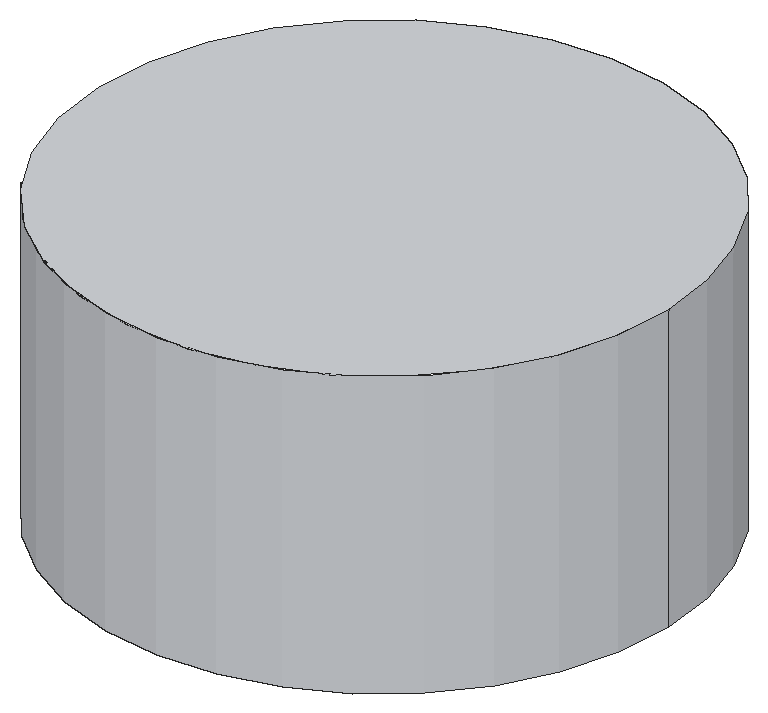
Revit family "08252000", category Specialty Equipment, Revit 2023
Family settings
  Round Connector Dimension = Use Diameter
  Part Type = Normal
  OmniClass Number = 23.40.40.00
  OmniClass Title = Food Service Equipment and Furnishings
  Work Plane-Based = No
  Enable Cutting in Views = Yes
  Always vertical = Yes
  Cut with Voids When Loaded = No
  Maintain Annotation Orientation = No
  Shared = No
  Room Calculation Point = No
Parameters (values of type "Standard")
  URL = "https://www.rustfriebergh.no/produkter/kj%C3%B8lte-br%C3%B8nner/kj%C3%B8lt-br%C3%B8nn-kbkn/kj-lt-br-nn-kbkn-160-drop-in"
  Model = "08252000"
  Manufacturer = "Rustfriebergh AS"
  Description = "Kjølt brønn KBKN-160-2GN"
  Default Elevation = 0 mm
Reference planes
  plane 1 "Center (Front/Back)": y = 0
  plane 2: z = 0
  plane 3 "Center (Left/Right)": x = 0
Forms (mm)
  Extrusion 1, solid
    sketch origin (319.178, -11.168, -357.25) x (1, 0, 0) y (0, 1, 0)
      loop
        circle (0, 0) r 3.048
    from 0 to -3.048
Dimensions and locks
  aligned and locked: level to plane 2
Connectors
  electrical at (319.178, -11.168, -357.25)
    settings: on Extrusion 1, index 1, voltage 230 V, apparent load 143 VA, apparent load phase1 0 VA, apparent load phase2 0 VA, apparent load phase3 0 VA, power factor 0, load classification "Other", number of poles 1, system type 30, power factor state 1, is connector primary yes, connector utility no, sub classification motor no, connector description "Strømart"
